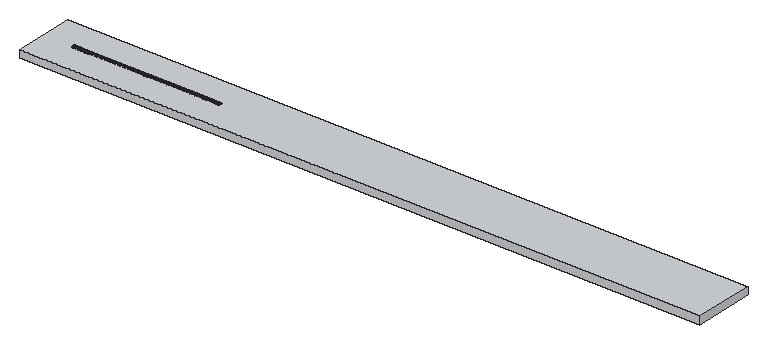
Revit family "Holyoake_-_CWD_Ceiling_Wash_Diffuser", category Air Terminals, host Face, Revit 2014
Parameters (values of type "6000mm")
  W = 89 mm  # constant formula
  URL = "http://www.productspec.net/products/41874/holyoake-industries-ltd/cwd-ceiling-wash-diffuser.aspx"
  Type Comments = "Ceiling Wash Diffuser"  # constant formula
  Single = or(L < 2400 mm, L = 2400 mm)  # no
  Side 2 Open = Bi Directional  # no
  Side 2 Closed = and(One Directional, Flip Throw Direction)  # no
  Side 1 Open = Bi Directional  # no
  Side 1 Closed = and(One Directional, not(Flip Throw Direction))  # yes
  Section = 2400 mm  # constant formula
  Remainder = if((L - (Section * Array Parametric)) / 2 < 10 mm, 10 mm, (L - (Section * Array Parametric)) / 2)  # 600 mm
  One Directional = yes
  O = L + 34 mm  # 6034 mm
  Multiple = L / Section > 2  # yes
  Model = "CWD"  # constant formula
  Material = none
  Manufacturer = "Holyoake"  # constant formula
  L = 6000 mm
  Flow = 0.0 L/s
  Flip Throw Direction = no
  Equal = and(not(Single), not(Multiple))  # no
  Default Elevation = 1219.2 mm
  D = W - 9 mm  # 80 mm
  Bi Directional = not(One Directional)  # no
  Array Parametric = if(Array - 1 < 2, 2, Array - 1)  # 2
  Array = L / Section  # 2.5
Types (5, lengths in mm): name | Single | Remainder | O | Multiple | L | Equal | Array
  600mm | yes | 10 | 634 | no | 600 | no | 0.25
  2400mm | yes | 10 | 2434 | no | 2400 | no | 1
  6000mm | no | 600 | 6034 | yes | 6000 | no | 2.5
  4800mm | no | 10 | 4834 | no | 4800 | yes | 2
  1200mm | yes | 10 | 1234 | no | 1200 | no | 0.5
Reference planes
  plane 1 "Center (Front/Back)": y = 0
  plane 2: z = 0
  plane 3 "Center (Left/Right)": x = 0
  plane 4: x = -16
  plane 5: x = 6000
  plane 6: x = 6016
  plane 7: y = 44.5
  plane 8: y = -44.5
  plane 9: x = 3000
  plane 10: x = 600
  plane 11: x = 5400
Forms (mm)
  Extrusion 1, solid
    sketch origin (0, 0, 0) x (1, 0, 0) y (0, 1, 0)
      loop
        line (-1219.2, 1219.2) -> (-1219.2, -1219.2) -> (26606.995, -1219.2) -> (26606.995, 1219.2) -> (-1219.2, 1219.2)
    from 0 to -304.8
  Extrusion 2, void
    sketch origin (0, 0, 0) x (1, 0, 0) y (0, 1, 0)
      loop
        line (0, 44.5) -> (0, -44.5) -> (6000, -44.5) -> (6000, 44.5) -> (0, 44.5)
    from 0 to -392.118
Lines and regions (mm)
  reference lines
    curve 1: line (600, 70, 0) -> (600, -70, 0)
    curve 2: line (600, 0, 0) -> (955, 0, 0)
    curve 3: line (3000, 70, 0) -> (3000, -70, 0)
    curve 4: line (3000, 0, 0) -> (3355, 0, 0)
Dimensions and locks
  "L": plane 3 "Center (Left/Right)" to plane 5
  locked: plane 4 to plane 3 "Center (Left/Right)" at 16
  locked: plane 5 to plane 6 at 16
  equal spacing: plane 7, plane 1 "Center (Front/Back)", plane 8
  locked: plane 7 to plane 8 at 89
  equal spacing: plane 3 "Center (Left/Right)", plane 9, plane 5
  "Remainder": plane 11 to plane 5
  "Remainder": plane 3 "Center (Left/Right)" to plane 10
  group 1 to group 2 = 2400 mm
  group 2 to group 1 = 0 mm
  group 1 to group 2 = 0 mm
  "Section": plane 10 to curve 3
  aligned and locked: Extrusion 1 to plane 2
  aligned and locked: Extrusion 1 to level
  aligned and locked: nested 1 to plane 1 "Center (Front/Back)"
  aligned and locked: plane 5 to nested 1
  aligned and locked: plane 3 "Center (Left/Right)" to nested 1
  aligned and locked: plane 3 "Center (Left/Right)" to nested 2
  aligned and locked: plane 1 "Center (Front/Back)" to nested 2
  aligned and locked: plane 5 to nested 3
  aligned and locked: nested 3 to plane 1 "Center (Front/Back)"
  aligned and locked: Extrusion 2 sketch curve to plane 7
  aligned and locked: Extrusion 2 sketch curve to plane 8
  aligned and locked: plane 3 "Center (Left/Right)" to Extrusion 2 sketch curve
  aligned and locked: Extrusion 2 sketch curve to plane 5
  aligned and locked: plane 9 to nested 4
  aligned and locked: plane 5 to nested 6
  aligned and locked: nested 5 to curve 1
  aligned and locked: nested 5 to curve 2
  aligned and locked: curve 1 to plane 10
  aligned and locked: plane 3 "Center (Left/Right)" to nested 7
  aligned and locked: plane 10 to nested 7
  aligned and locked: plane 5 to nested 8
  aligned and locked: plane 11 to nested 8
  aligned and locked: nested 9 to curve 3
  aligned and locked: nested 9 to curve 4
  aligned and locked: plane 1 "Center (Front/Back)" to nested 7
  aligned and locked: nested 5 to plane 1 "Center (Front/Back)"
  aligned and locked: nested 9 to plane 1 "Center (Front/Back)"
  aligned and locked: plane 1 "Center (Front/Back)" to nested 4
  aligned and locked: plane 1 "Center (Front/Back)" to nested 8
Automatic sketch dimensions
  Extrusion 1 sketch curve to Extrusion 1 sketch curve = 27826.195 mm
  Extrusion 1 sketch curve to Extrusion 1 sketch curve = 2438.4 mm
  curve 2 to curve 2 = 355 mm
  curve 1 to curve 2 = 70 mm
  curve 2 to curve 1 = 70 mm
Nested families
  nested 1: "CWD Internal Component" at (0, 0, 0) x (1, 0, 0) z (0, 0, -1), visible <- "Single", type "CWD Internal Component"
    with built-in parameter 1001306 19.685 (stored number, unit not read), Side 2 Open no, Side 2 Closed no, Side 1 Open no
  nested 2: "Family2" at (0, 0, 0), type "Family2"
  nested 3: "Family2" at (6000, 0, 0) x (-1, 0, 0) z (0, 0, 1), type "Family2"
  nested 4: "CWD Internal Component" at (0, 0, 0) x (1, 0, 0) z (0, 0, -1), visible <- "Equal", type "CWD Internal Component"
    with built-in parameter 1001306 9.8425 (stored number, unit not read), Side 2 Open no, Side 2 Closed no, Side 1 Open no
  nested 5: "CWD Internal Component Array" at (600, 0, 0) x (1, 0, 0) z (0, 0, -1), visible <- "Multiple", type "CWD Internal Component"
    with built-in parameter 1001306 7.874 (stored number, unit not read)
  nested 6: "CWD Internal Component" at (3000, 0, 0) x (1, 0, 0) z (0, 0, -1), visible <- "Equal", type "CWD Internal Component"
    with built-in parameter 1001306 9.8425 (stored number, unit not read), Side 2 Open no, Side 2 Closed no, Side 1 Open no
  nested 7: "CWD Internal Component" at (0, 0, 0) x (1, 0, 0) z (0, 0, -1), visible <- "Multiple", type "CWD Internal Component"
    with built-in parameter 1001306 1.9685 (stored number, unit not read), Side 2 Open no, Side 2 Closed no, Side 1 Open no
  nested 8: "CWD Internal Component" at (5400, 0, 0) x (1, 0, 0) z (0, 0, -1), visible <- "Multiple", type "CWD Internal Component"
    with built-in parameter 1001306 1.9685 (stored number, unit not read), Side 2 Open no, Side 2 Closed no, Side 1 Open no
  nested 9: "CWD Internal Component Array" at (3000, 0, 0) x (1, 0, 0) z (0, 0, -1), visible <- "Multiple", type "CWD Internal Component"
    with built-in parameter 1001306 7.874 (stored number, unit not read)
Connectors
  hvac at (3000, 0, -62.751), driven by "W", driven by "L", driven by "Flow"
    settings: on nested 1, index 1, duct flow 0.0 L/s, flow factor 0, pres drop 0.0 Pa, loss coef 0, conn angle 0.00°, conn width 6000 mm, conn height 89 mm, conn diameter 609.6 mm, duct sys type 1, conn prof type 1, flow config 0, flow direction 2, loss method 0, conn ref index -1, conn util no, is conn primary yes, conn desc ""
Definition of nested family "CWD Internal Component"
  Parameters (values of type "CWD Internal Component")
    Side 2 Open = yes
    Side 2 Closed = yes
    Side 1 Open = yes
    Side 1 Closed = yes
    Material = none
    built-in parameter 1001306 [instance] = 920 mm
  Reference planes
    plane 1 "Center (Front/Back)": y = 0
    plane 2: z = 0
    plane 3 "Left": x = 0
    plane 4 "Right": x = 920
  Forms (mm)
    Sweep 1, solid, material <- "Material", detail levels fine
      path in 3D
        loop
          line (0, 0, 0) -> (920, 0, 0)
      profile origin (460, 0, 0) x (0, 1, 0) y (0, 0, 1)
        loop
          line (-44.5, -23.788) -> (-44.5, -26.357) -> (44.5, -26.357) -> (44.5, -23.788) -> (2.257, -23.788) -> (3.877, -20.315)
          arc (3.877, -20.315) -> (4.277, -18.614) -> (3.966, -16.895) r 4.29
          line (3.966, -16.895) -> (0.737, -8.901) -> (0.737, 51.393) -> (-0.737, 51.393) -> (-0.737, -8.901) -> (-3.966, -16.895)
          arc (-3.966, -16.895) -> (-4.277, -18.614) -> (-3.877, -20.315) r 4.29
          line (-3.877, -20.315) -> (-2.257, -23.788) -> (-44.5, -23.788)
        loop
          line (44.5, -1.361) -> (41.586, -1.361) -> (41.586, -3.298) -> (22.464, -3.298) -> (22.464, 41.702) -> (21.297, 41.702) -> (21.297, -5.249) -> (44.5, -5.249) -> (44.5, -1.361)
        loop
          line (38.822, 62.751) -> (36.423, 62.751) -> (36.423, 18.427) -> (30.481, 11.827) -> (30.481, -2.66) -> (40.556, -2.66) -> (40.556, -1.361) -> (32.276, -1.361) -> (32.276, 10.527) -> (38.822, 17.797) -> (38.822, 39.048) -> (41.196, 39.048) -> (41.196, 37.229) -> (49.7, 27.138) -> (49.7, 23.611) -> (44.706, 18.064)
          arc (44.706, 18.064) -> (44.333, 16.058) -> (45.949, 14.814) r 1.954
          line (45.949, 14.814) -> (70.477, 14.814) -> (70.477, 16.293) -> (47.103, 16.293)
          arc (47.103, 16.293) -> (46.273, 16.832) -> (46.428, 17.81) r 0.909
          line (46.428, 17.81) -> (51.5, 23.443) -> (51.5, 27.252) -> (42.355, 38.104)
          arc (42.355, 38.104) -> (42.154, 38.534) -> (42.195, 39.007) r 0.915
          line (42.195, 39.007) -> (43.045, 41.342) -> (43.045, 42.71) -> (38.822, 42.71) -> (38.822, 62.751)
        loop
          line (-44.5, -1.361) -> (-44.5, -5.249) -> (-21.297, -5.249) -> (-21.297, 41.702) -> (-22.464, 41.702) -> (-22.464, -3.298) -> (-41.586, -3.298) -> (-41.586, -1.361) -> (-44.5, -1.361)
        loop
          line (-38.822, 62.751) -> (-38.822, 42.71) -> (-43.045, 42.71) -> (-43.045, 41.342) -> (-42.195, 39.007)
          arc (-42.195, 39.007) -> (-42.154, 38.534) -> (-42.355, 38.104) r 0.915
          line (-42.355, 38.104) -> (-51.5, 27.252) -> (-51.5, 23.443) -> (-46.428, 17.81)
          arc (-46.428, 17.81) -> (-46.273, 16.832) -> (-47.103, 16.293) r 0.909
          line (-47.103, 16.293) -> (-70.477, 16.293) -> (-70.477, 14.814) -> (-45.949, 14.814)
          arc (-45.949, 14.814) -> (-44.333, 16.058) -> (-44.706, 18.064) r 1.954
          line (-44.706, 18.064) -> (-49.7, 23.611) -> (-49.7, 27.138) -> (-41.196, 37.229) -> (-41.196, 39.048) -> (-38.822, 39.048) -> (-38.822, 17.797) -> (-32.276, 10.527) -> (-32.276, -1.361) -> (-40.556, -1.361) -> (-40.556, -2.66) -> (-30.481, -2.66) -> (-30.481, 11.827) -> (-36.423, 18.427) -> (-36.423, 62.751) -> (-38.822, 62.751)
    Sweep 2, solid, material <- "Material", visible <- "Side 1 Open", detail levels fine
      path in 3D
        loop
          line (0, 0, 0) -> (920, 0, 0)
      profile origin (460, 0, 0) x (0, 1, 0) y (0, 0, 1)
        loop
          line (-27.92, -22.179) -> (-27.683, -23.51) -> (-5.259, -19.523)
          arc (-5.259, -19.523) -> (-0.766, -19.447) -> (-5.057, -18.113) r 2.276
          line (-5.057, -18.113) -> (-27.92, -22.179)
    Sweep 3, solid, material <- "Material", visible <- "Side 2 Open", detail levels fine
      path in 3D
        loop
          line (0, 0, 0) -> (920, 0, 0)
      profile origin (460, 0, 0) x (0, 1, 0) y (0, 0, 1)
        loop
          line (27.92, -22.179) -> (5.057, -18.113)
          arc (5.057, -18.113) -> (0.766, -19.447) -> (5.259, -19.523) r 2.276
          line (5.259, -19.523) -> (27.683, -23.51) -> (27.92, -22.179)
    Sweep 4, solid, material <- "Material", visible <- "Side 2 Closed", detail levels fine
      path in 3D
        loop
          line (0, 0, 0) -> (920, 0, 0)
      profile origin (460, 0, 0) x (0, 1, 0) y (0, 0, 1)
        loop
          arc (3.903, -17.028) -> (1.522, -20.839) -> (4.976, -17.964) r 2.276
          line (4.976, -17.964) -> (24.569, -6.352) -> (23.88, -5.188) -> (3.903, -17.028)
    Sweep 5, solid, material <- "Material", visible <- "Side 1 Closed", detail levels fine
      path in 3D
        loop
          line (0, 0, 0) -> (920, 0, 0)
      profile origin (460, 0, 0) x (0, 1, 0) y (0, 0, 1)
        loop
          line (-24.569, -6.352) -> (-4.976, -17.964)
          arc (-4.976, -17.964) -> (-1.522, -20.839) -> (-3.903, -17.028) r 2.276
          line (-3.903, -17.028) -> (-23.88, -5.188) -> (-24.569, -6.352)
    Sweep 6, solid, detail levels coarse+medium
      path in 3D
        loop
          line (0, 0, 0) -> (920, 0, 0)
      profile origin (460, 0, 0) x (0, 1, 0) y (0, 0, 1)
        loop
          line (-38.822, 62.751) -> (-38.822, 16.293) -> (-70.477, 16.293) -> (-70.477, 14.814) -> (-44.5, 14.814) -> (-44.5, -26.357) -> (44.5, -26.357) -> (44.5, 14.814) -> (70.477, 14.814) -> (70.477, 16.293) -> (38.822, 16.293) -> (38.822, 62.751) -> (-38.822, 62.751)
  Lines and regions (mm)
    reference lines
      curve 1: line (0, 0, 0) -> (920, 0, 0)
    sketch lines
      curve 2: line (0, 0, 0) -> (920, 0, 0)
      curve 3: line (0, 0, 0) -> (920, 0, 0)
      curve 4: line (0, 0, 0) -> (920, 0, 0)
      curve 5: line (0, 0, 0) -> (920, 0, 0)
      curve 6: line (0, 0, 0) -> (920, 0, 0)
      curve 7: line (0, 0, 0) -> (920, 0, 0)
  Dimensions and locks
    "built-in parameter 1001306": plane 3 "Left" to plane 4 "Right"
    Sweep 1 sketch curve to Sweep 1 sketch curve = 24.996 mm
    Sweep 1 sketch curve to Sweep 1 sketch curve = 18.54 mm
    Sweep 1 sketch curve to Sweep 1 sketch curve = 68.059 mm
    Sweep 1 sketch curve to profile plane = 38.822 mm
    Sweep 1 sketch curve to Sweep 1 sketch curve = 68 mm
    Sweep 1 sketch curve to profile plane = 51.5 mm
    aligned and locked: plane 4 "Right" to curve 1
    aligned and locked: plane 1 "Center (Front/Back)" to curve 1
    aligned and locked: plane 3 "Left" to curve 1
    aligned and locked: level to plane 2
  Automatic sketch dimensions
    Sweep 1 sketch curve to Sweep 1 sketch curve = 0 mm  (x5)
    Sweep 1 sketch curve to Sweep 1 sketch curve = 2.399 mm  (x3)
    Sweep 1 sketch curve to profile plane = 1.361 mm  (x3)
    Sweep 1 sketch curve to Sweep 1 sketch curve = 4.147 mm
    profile plane to Sweep 1 sketch curve = 11.827 mm
    Sweep 1 sketch curve to Sweep 1 sketch curve = 1.795 mm  (x2)
    Sweep 1 sketch curve to Sweep 1 sketch curve = 16.358 mm
    Sweep 1 sketch curve to Sweep 1 sketch curve = 1.166 mm  (x2)
    Sweep 1 sketch curve to profile plane = 3.966 mm
    Sweep 1 sketch curve to Sweep 1 sketch curve = 0.09 mm  (x2)
    Sweep 1 sketch curve to profile plane = 0.737 mm
    Sweep 1 sketch curve to profile plane = 0.011 mm
    profile plane to Sweep 1 sketch curve = 0.011 mm
    profile plane to Sweep 1 sketch curve = 0.737 mm
    profile plane to Sweep 1 sketch curve = 3.877 mm
    Sweep 1 sketch curve to profile plane = 5.249 mm  (x2)
    Sweep 1 sketch curve to Sweep 1 sketch curve = 17.331 mm
    Sweep 1 sketch curve to profile plane = 2.66 mm
    Sweep 1 sketch curve to Sweep 1 sketch curve = 8.017 mm
    Sweep 1 sketch curve to Sweep 1 sketch curve = 13.959 mm
    Sweep 1 sketch curve to Sweep 1 sketch curve = 8.28 mm  (x2)
    Sweep 1 sketch curve to Sweep 1 sketch curve = 2.374 mm  (x2)
    Sweep 1 sketch curve to Sweep 1 sketch curve = 1.03 mm  (x2)
    Sweep 1 sketch curve to Sweep 1 sketch curve = 0.999 mm  (x2)
    Sweep 1 sketch curve to Sweep 1 sketch curve = 0.16 mm  (x2)
    Sweep 1 sketch curve to Sweep 1 sketch curve = 0.85 mm  (x2)
    Sweep 1 sketch curve to Sweep 1 sketch curve = 0.7 mm  (x2)
    Sweep 1 sketch curve to Sweep 1 sketch curve = 2.914 mm  (x2)
    profile plane to Sweep 1 sketch curve = 18.064 mm  (x2)
    Sweep 1 sketch curve to Sweep 1 sketch curve = 5.884 mm  (x2)
    Sweep 1 sketch curve to Sweep 1 sketch curve = 1.244 mm  (x2)
    Sweep 1 sketch curve to Sweep 1 sketch curve = 1.452 mm
    profile plane to Sweep 1 sketch curve = 17.81 mm  (x2)
    Sweep 1 sketch curve to Sweep 1 sketch curve = 0.27 mm  (x2)
    Sweep 1 sketch curve to Sweep 1 sketch curve = 0.945 mm  (x2)
    Sweep 1 sketch curve to Sweep 1 sketch curve = 3.272 mm
    Sweep 1 sketch curve to Sweep 1 sketch curve = 1.8 mm  (x2)
    profile plane to Sweep 1 sketch curve = 16.293 mm
    Sweep 1 sketch curve to Sweep 1 sketch curve = 18.977 mm  (x2)
    Sweep 1 sketch curve to Sweep 1 sketch curve = 0.208 mm
    profile plane to Sweep 1 sketch curve = 23.611 mm
    Sweep 1 sketch curve to profile plane = 8.901 mm
    Sweep 1 sketch curve to Sweep 1 sketch curve = 6.893 mm
    Sweep 1 sketch curve to Sweep 1 sketch curve = 1.607 mm
    Sweep 1 sketch curve to Sweep 1 sketch curve = 2.569 mm  (x2)
    Sweep 1 sketch curve to Sweep 1 sketch curve = 1.951 mm  (x2)
    Sweep 1 sketch curve to Sweep 1 sketch curve = 1.298 mm
    profile plane to Sweep 1 sketch curve = 10.527 mm
    Sweep 1 sketch curve to Sweep 1 sketch curve = 1.3 mm  (x2)
    profile plane to Sweep 1 sketch curve = 14.814 mm
    Sweep 1 sketch curve to Sweep 1 sketch curve = 1.479 mm  (x2)
    Sweep 1 sketch curve to Sweep 1 sketch curve = 0.267 mm  (x2)
    Sweep 1 sketch curve to Sweep 1 sketch curve = 0.63 mm  (x2)
    Sweep 1 sketch curve to Sweep 1 sketch curve = 5.633 mm
    Sweep 1 sketch curve to Sweep 1 sketch curve = 0.168 mm  (x2)
    Sweep 1 sketch curve to Sweep 1 sketch curve = 3.527 mm  (x2)
    Sweep 1 sketch curve to Sweep 1 sketch curve = 0.114 mm  (x2)
    Sweep 1 sketch curve to Sweep 1 sketch curve = 10.091 mm  (x2)
    Sweep 1 sketch curve to Sweep 1 sketch curve = 0.875 mm  (x2)
    Sweep 1 sketch curve to Sweep 1 sketch curve = 0.59 mm  (x2)
    Sweep 1 sketch curve to Sweep 1 sketch curve = 1.819 mm
    Sweep 1 sketch curve to Sweep 1 sketch curve = 0.041 mm
    Sweep 1 sketch curve to Sweep 1 sketch curve = 2.335 mm  (x2)
    Sweep 1 sketch curve to Sweep 1 sketch curve = 2.655 mm
    Sweep 1 sketch curve to Sweep 1 sketch curve = 1.368 mm  (x2)
    Sweep 1 sketch curve to Sweep 1 sketch curve = 9.691 mm
    Sweep 1 sketch curve to Sweep 1 sketch curve = 20.041 mm
    profile plane to Sweep 1 sketch curve = 2.257 mm
    Sweep 1 sketch curve to profile plane = 2.257 mm
    Sweep 1 sketch curve to Sweep 1 sketch curve = 3.42 mm
    profile plane to Sweep 2 sketch curve = 27.92 mm
    Sweep 2 sketch curve to profile plane = 23.51 mm
    Sweep 2 sketch curve to Sweep 2 sketch curve = 0.237 mm
    profile plane to Sweep 2 sketch curve = 5.259 mm
    Sweep 2 sketch curve to Sweep 2 sketch curve = 0.202 mm
    Sweep 2 sketch curve to Sweep 2 sketch curve = 2.039 mm
    Sweep 2 sketch curve to Sweep 2 sketch curve = 1.332 mm
    Sweep 3 sketch curve to profile plane = 3.018 mm
    Sweep 3 sketch curve to Sweep 3 sketch curve = 2.039 mm
    Sweep 3 sketch curve to Sweep 3 sketch curve = 0.202 mm
    Sweep 3 sketch curve to Sweep 3 sketch curve = 22.424 mm
    Sweep 3 sketch curve to profile plane = 22.179 mm
    Sweep 3 sketch curve to Sweep 3 sketch curve = 0.237 mm
    Sweep 3 sketch curve to Sweep 3 sketch curve = 1.332 mm
    Sweep 4 sketch curve to profile plane = 3.018 mm
    Sweep 4 sketch curve to Sweep 4 sketch curve = 0.885 mm
    Sweep 4 sketch curve to Sweep 4 sketch curve = 1.073 mm
    Sweep 4 sketch curve to profile plane = 5.188 mm
    Sweep 4 sketch curve to Sweep 4 sketch curve = 18.904 mm
    Sweep 4 sketch curve to Sweep 4 sketch curve = 0.69 mm
    Sweep 4 sketch curve to Sweep 4 sketch curve = 1.164 mm
    Sweep 5 sketch curve to profile plane = 6.352 mm
    profile plane to Sweep 5 sketch curve = 24.569 mm
    Sweep 5 sketch curve to profile plane = 5.188 mm
    Sweep 5 sketch curve to Sweep 5 sketch curve = 0.69 mm
    profile plane to Sweep 5 sketch curve = 4.976 mm
    Sweep 5 sketch curve to Sweep 5 sketch curve = 1.073 mm
    Sweep 5 sketch curve to Sweep 5 sketch curve = 0.885 mm
    profile plane to Sweep 6 sketch curve = 14.814 mm
    profile plane to Sweep 6 sketch curve = 70.477 mm
    profile plane to Sweep 6 sketch curve = 44.5 mm
    Sweep 6 sketch curve to Sweep 6 sketch curve = 5.678 mm  (x2)
    profile plane to Sweep 6 sketch curve = 16.293 mm
    Sweep 6 sketch curve to profile plane = 38.822 mm
    Sweep 6 sketch curve to Sweep 6 sketch curve = 25.977 mm
    Sweep 6 sketch curve to profile plane = 26.357 mm
    Sweep 6 sketch curve to Sweep 6 sketch curve = 1.479 mm  (x2)
    Sweep 6 sketch curve to Sweep 6 sketch curve = 46.458 mm
Definition of nested family "Family2"
  Reference planes
    plane 1 "Center (Front/Back)": y = 0
    plane 2: z = 0
    plane 3 "Center (Left/Right)": x = 0
  Forms (mm)
    Extrusion 1, solid
      sketch origin (0, 0, 0) x (1, 0, 0) y (0, 0, 1)
        loop
          line (-2, 26.357) -> (-2, 2) -> (-16, 2) -> (-16, 0) -> (0, 0) -> (0, 26.357) -> (-2, 26.357)
      from -44.5 to 44.5
  Dimensions and locks
    aligned and locked: level to plane 2
Definition of nested family "CWD Internal Component Array"
  Parameters (values of type "CWD Internal Component")
    Side 2 Open = no
    Side 2 Closed = no
    Side 1 Open = no
    Side 1 Closed = yes
    Material = none
    built-in parameter 1001306 [instance] = L  # 2400 mm
    L = 2400 mm
  Reference planes
    plane 1 "Center (Front/Back)": y = 0
    plane 2: z = 0
    plane 3 "Left": x = 0
    plane 4 "Right": x = 2400
  Forms (mm)
    Sweep 1, solid, material <- "Material", detail levels fine
      path in 3D
        loop
          line (0, 0, 0) -> (2400, 0, 0)
      profile origin (1200, 0, 0) x (0, 1, 0) y (0, 0, 1)
        loop
          line (-44.5, -23.788) -> (-44.5, -26.357) -> (44.5, -26.357) -> (44.5, -23.788) -> (2.257, -23.788) -> (3.877, -20.315)
          arc (3.877, -20.315) -> (4.277, -18.614) -> (3.966, -16.895) r 4.29
          line (3.966, -16.895) -> (0.737, -8.901) -> (0.737, 51.393) -> (-0.737, 51.393) -> (-0.737, -8.901) -> (-3.966, -16.895)
          arc (-3.966, -16.895) -> (-4.277, -18.614) -> (-3.877, -20.315) r 4.29
          line (-3.877, -20.315) -> (-2.257, -23.788) -> (-44.5, -23.788)
        loop
          line (44.5, -1.361) -> (41.586, -1.361) -> (41.586, -3.298) -> (22.464, -3.298) -> (22.464, 41.702) -> (21.297, 41.702) -> (21.297, -5.249) -> (44.5, -5.249) -> (44.5, -1.361)
        loop
          line (38.822, 62.751) -> (36.423, 62.751) -> (36.423, 18.427) -> (30.481, 11.827) -> (30.481, -2.66) -> (40.556, -2.66) -> (40.556, -1.361) -> (32.276, -1.361) -> (32.276, 10.527) -> (38.822, 17.797) -> (38.822, 39.048) -> (41.196, 39.048) -> (41.196, 37.229) -> (49.7, 27.138) -> (49.7, 23.611) -> (44.706, 18.064)
          arc (44.706, 18.064) -> (44.333, 16.058) -> (45.949, 14.814) r 1.954
          line (45.949, 14.814) -> (70.477, 14.814) -> (70.477, 16.293) -> (47.103, 16.293)
          arc (47.103, 16.293) -> (46.273, 16.832) -> (46.428, 17.81) r 0.909
          line (46.428, 17.81) -> (51.5, 23.443) -> (51.5, 27.252) -> (42.355, 38.104)
          arc (42.355, 38.104) -> (42.154, 38.534) -> (42.195, 39.007) r 0.915
          line (42.195, 39.007) -> (43.045, 41.342) -> (43.045, 42.71) -> (38.822, 42.71) -> (38.822, 62.751)
        loop
          line (-44.5, -1.361) -> (-44.5, -5.249) -> (-21.297, -5.249) -> (-21.297, 41.702) -> (-22.464, 41.702) -> (-22.464, -3.298) -> (-41.586, -3.298) -> (-41.586, -1.361) -> (-44.5, -1.361)
        loop
          line (-38.822, 62.751) -> (-38.822, 42.71) -> (-43.045, 42.71) -> (-43.045, 41.342) -> (-42.195, 39.007)
          arc (-42.195, 39.007) -> (-42.154, 38.534) -> (-42.355, 38.104) r 0.915
          line (-42.355, 38.104) -> (-51.5, 27.252) -> (-51.5, 23.443) -> (-46.428, 17.81)
          arc (-46.428, 17.81) -> (-46.273, 16.832) -> (-47.103, 16.293) r 0.909
          line (-47.103, 16.293) -> (-70.477, 16.293) -> (-70.477, 14.814) -> (-45.949, 14.814)
          arc (-45.949, 14.814) -> (-44.333, 16.058) -> (-44.706, 18.064) r 1.954
          line (-44.706, 18.064) -> (-49.7, 23.611) -> (-49.7, 27.138) -> (-41.196, 37.229) -> (-41.196, 39.048) -> (-38.822, 39.048) -> (-38.822, 17.797) -> (-32.276, 10.527) -> (-32.276, -1.361) -> (-40.556, -1.361) -> (-40.556, -2.66) -> (-30.481, -2.66) -> (-30.481, 11.827) -> (-36.423, 18.427) -> (-36.423, 62.751) -> (-38.822, 62.751)
    Sweep 2, solid, material <- "Material", visible <- "Side 1 Open", detail levels fine
      path in 3D
        loop
          line (0, 0, 0) -> (2400, 0, 0)
      profile origin (1200, 0, 0) x (0, 1, 0) y (0, 0, 1)
        loop
          line (-27.92, -22.179) -> (-27.683, -23.51) -> (-5.259, -19.523)
          arc (-5.259, -19.523) -> (-0.766, -19.447) -> (-5.057, -18.113) r 2.276
          line (-5.057, -18.113) -> (-27.92, -22.179)
    Sweep 3, solid, material <- "Material", visible <- "Side 2 Open", detail levels fine
      path in 3D
        loop
          line (0, 0, 0) -> (2400, 0, 0)
      profile origin (1200, 0, 0) x (0, 1, 0) y (0, 0, 1)
        loop
          line (27.92, -22.179) -> (5.057, -18.113)
          arc (5.057, -18.113) -> (0.766, -19.447) -> (5.259, -19.523) r 2.276
          line (5.259, -19.523) -> (27.683, -23.51) -> (27.92, -22.179)
    Sweep 4, solid, material <- "Material", visible <- "Side 2 Closed", detail levels fine
      path in 3D
        loop
          line (0, 0, 0) -> (2400, 0, 0)
      profile origin (1200, 0, 0) x (0, 1, 0) y (0, 0, 1)
        loop
          arc (3.903, -17.028) -> (1.522, -20.839) -> (4.976, -17.964) r 2.276
          line (4.976, -17.964) -> (24.569, -6.352) -> (23.88, -5.188) -> (3.903, -17.028)
    Sweep 5, solid, material <- "Material", visible <- "Side 1 Closed", detail levels fine
      path in 3D
        loop
          line (0, 0, 0) -> (2400, 0, 0)
      profile origin (1200, 0, 0) x (0, 1, 0) y (0, 0, 1)
        loop
          line (-24.569, -6.352) -> (-4.976, -17.964)
          arc (-4.976, -17.964) -> (-1.522, -20.839) -> (-3.903, -17.028) r 2.276
          line (-3.903, -17.028) -> (-23.88, -5.188) -> (-24.569, -6.352)
    Sweep 6, solid, detail levels coarse+medium
      path in 3D
        loop
          line (0, 0, 0) -> (2400, 0, 0)
      profile origin (1200, 0, 0) x (0, 1, 0) y (0, 0, 1)
        loop
          line (-38.822, 62.751) -> (-38.822, 16.293) -> (-70.477, 16.293) -> (-70.477, 14.814) -> (-44.5, 14.814) -> (-44.5, -26.357) -> (44.5, -26.357) -> (44.5, 14.814) -> (70.477, 14.814) -> (70.477, 16.293) -> (38.822, 16.293) -> (38.822, 62.751) -> (-38.822, 62.751)
  Lines and regions (mm)
    reference lines
      curve 1: line (0, 0, 0) -> (2400, 0, 0)
    sketch lines
      curve 2: line (0, 0, 0) -> (2400, 0, 0)
      curve 3: line (0, 0, 0) -> (2400, 0, 0)
      curve 4: line (0, 0, 0) -> (2400, 0, 0)
      curve 5: line (0, 0, 0) -> (2400, 0, 0)
      curve 6: line (0, 0, 0) -> (2400, 0, 0)
      curve 7: line (0, 0, 0) -> (2400, 0, 0)
  Dimensions and locks
    "built-in parameter 1001306": plane 3 "Left" to plane 4 "Right"
    Sweep 1 sketch curve to Sweep 1 sketch curve = 24.996 mm
    Sweep 1 sketch curve to Sweep 1 sketch curve = 18.54 mm
    Sweep 1 sketch curve to Sweep 1 sketch curve = 68.059 mm
    Sweep 1 sketch curve to profile plane = 38.822 mm
    Sweep 1 sketch curve to Sweep 1 sketch curve = 68 mm
    Sweep 1 sketch curve to profile plane = 51.5 mm
    "L": plane 3 "Left" to plane 4 "Right"
    aligned and locked: plane 4 "Right" to curve 1
    aligned and locked: plane 1 "Center (Front/Back)" to curve 1
    aligned and locked: plane 3 "Left" to curve 1
    aligned and locked: level to plane 2
  Automatic sketch dimensions
    Sweep 1 sketch curve to Sweep 1 sketch curve = 0 mm  (x5)
    Sweep 1 sketch curve to Sweep 1 sketch curve = 2.399 mm  (x3)
    Sweep 1 sketch curve to profile plane = 1.361 mm  (x3)
    Sweep 1 sketch curve to Sweep 1 sketch curve = 4.147 mm
    profile plane to Sweep 1 sketch curve = 11.827 mm
    Sweep 1 sketch curve to Sweep 1 sketch curve = 1.795 mm  (x2)
    Sweep 1 sketch curve to Sweep 1 sketch curve = 16.358 mm
    Sweep 1 sketch curve to Sweep 1 sketch curve = 1.166 mm  (x2)
    Sweep 1 sketch curve to profile plane = 3.966 mm
    Sweep 1 sketch curve to Sweep 1 sketch curve = 0.09 mm  (x2)
    Sweep 1 sketch curve to profile plane = 0.737 mm
    Sweep 1 sketch curve to profile plane = 0.011 mm
    profile plane to Sweep 1 sketch curve = 0.011 mm
    profile plane to Sweep 1 sketch curve = 0.737 mm
    profile plane to Sweep 1 sketch curve = 3.877 mm
    Sweep 1 sketch curve to profile plane = 5.249 mm  (x2)
    Sweep 1 sketch curve to Sweep 1 sketch curve = 17.331 mm
    Sweep 1 sketch curve to profile plane = 2.66 mm
    Sweep 1 sketch curve to Sweep 1 sketch curve = 8.017 mm
    Sweep 1 sketch curve to Sweep 1 sketch curve = 13.959 mm
    Sweep 1 sketch curve to Sweep 1 sketch curve = 8.28 mm  (x2)
    Sweep 1 sketch curve to Sweep 1 sketch curve = 2.374 mm  (x2)
    Sweep 1 sketch curve to Sweep 1 sketch curve = 1.03 mm  (x2)
    Sweep 1 sketch curve to Sweep 1 sketch curve = 0.999 mm  (x2)
    Sweep 1 sketch curve to Sweep 1 sketch curve = 0.16 mm  (x2)
    Sweep 1 sketch curve to Sweep 1 sketch curve = 0.85 mm  (x2)
    Sweep 1 sketch curve to Sweep 1 sketch curve = 0.7 mm  (x2)
    Sweep 1 sketch curve to Sweep 1 sketch curve = 2.914 mm  (x2)
    profile plane to Sweep 1 sketch curve = 18.064 mm  (x2)
    Sweep 1 sketch curve to Sweep 1 sketch curve = 5.884 mm  (x2)
    Sweep 1 sketch curve to Sweep 1 sketch curve = 1.244 mm  (x2)
    Sweep 1 sketch curve to Sweep 1 sketch curve = 1.452 mm
    profile plane to Sweep 1 sketch curve = 17.81 mm  (x2)
    Sweep 1 sketch curve to Sweep 1 sketch curve = 0.27 mm  (x2)
    Sweep 1 sketch curve to Sweep 1 sketch curve = 0.945 mm  (x2)
    Sweep 1 sketch curve to Sweep 1 sketch curve = 3.272 mm
    Sweep 1 sketch curve to Sweep 1 sketch curve = 1.8 mm  (x2)
    profile plane to Sweep 1 sketch curve = 16.293 mm
    Sweep 1 sketch curve to Sweep 1 sketch curve = 18.977 mm  (x2)
    Sweep 1 sketch curve to Sweep 1 sketch curve = 0.208 mm
    profile plane to Sweep 1 sketch curve = 23.611 mm
    Sweep 1 sketch curve to profile plane = 8.901 mm
    Sweep 1 sketch curve to Sweep 1 sketch curve = 6.893 mm
    Sweep 1 sketch curve to Sweep 1 sketch curve = 1.607 mm
    Sweep 1 sketch curve to Sweep 1 sketch curve = 2.569 mm  (x2)
    Sweep 1 sketch curve to Sweep 1 sketch curve = 1.951 mm  (x2)
    Sweep 1 sketch curve to Sweep 1 sketch curve = 1.298 mm
    profile plane to Sweep 1 sketch curve = 10.527 mm
    Sweep 1 sketch curve to Sweep 1 sketch curve = 1.3 mm  (x2)
    profile plane to Sweep 1 sketch curve = 14.814 mm
    Sweep 1 sketch curve to Sweep 1 sketch curve = 1.479 mm  (x2)
    Sweep 1 sketch curve to Sweep 1 sketch curve = 0.267 mm  (x2)
    Sweep 1 sketch curve to Sweep 1 sketch curve = 0.63 mm  (x2)
    Sweep 1 sketch curve to Sweep 1 sketch curve = 5.633 mm
    Sweep 1 sketch curve to Sweep 1 sketch curve = 0.168 mm  (x2)
    Sweep 1 sketch curve to Sweep 1 sketch curve = 3.527 mm  (x2)
    Sweep 1 sketch curve to Sweep 1 sketch curve = 0.114 mm  (x2)
    Sweep 1 sketch curve to Sweep 1 sketch curve = 10.091 mm  (x2)
    Sweep 1 sketch curve to Sweep 1 sketch curve = 0.875 mm  (x2)
    Sweep 1 sketch curve to Sweep 1 sketch curve = 0.59 mm  (x2)
    Sweep 1 sketch curve to Sweep 1 sketch curve = 1.819 mm
    Sweep 1 sketch curve to Sweep 1 sketch curve = 0.041 mm
    Sweep 1 sketch curve to Sweep 1 sketch curve = 2.335 mm  (x2)
    Sweep 1 sketch curve to Sweep 1 sketch curve = 2.655 mm
    Sweep 1 sketch curve to Sweep 1 sketch curve = 1.368 mm  (x2)
    Sweep 1 sketch curve to Sweep 1 sketch curve = 9.691 mm
    Sweep 1 sketch curve to Sweep 1 sketch curve = 20.041 mm
    profile plane to Sweep 1 sketch curve = 2.257 mm
    Sweep 1 sketch curve to profile plane = 2.257 mm
    Sweep 1 sketch curve to Sweep 1 sketch curve = 3.42 mm
    profile plane to Sweep 2 sketch curve = 27.92 mm
    Sweep 2 sketch curve to profile plane = 23.51 mm
    Sweep 2 sketch curve to Sweep 2 sketch curve = 0.237 mm
    profile plane to Sweep 2 sketch curve = 5.259 mm
    Sweep 2 sketch curve to Sweep 2 sketch curve = 0.202 mm
    Sweep 2 sketch curve to Sweep 2 sketch curve = 2.039 mm
    Sweep 2 sketch curve to Sweep 2 sketch curve = 1.332 mm
    Sweep 3 sketch curve to profile plane = 3.018 mm
    Sweep 3 sketch curve to Sweep 3 sketch curve = 2.039 mm
    Sweep 3 sketch curve to Sweep 3 sketch curve = 0.202 mm
    Sweep 3 sketch curve to Sweep 3 sketch curve = 22.424 mm
    Sweep 3 sketch curve to profile plane = 22.179 mm
    Sweep 3 sketch curve to Sweep 3 sketch curve = 0.237 mm
    Sweep 3 sketch curve to Sweep 3 sketch curve = 1.332 mm
    Sweep 4 sketch curve to profile plane = 3.018 mm
    Sweep 4 sketch curve to Sweep 4 sketch curve = 0.885 mm
    Sweep 4 sketch curve to Sweep 4 sketch curve = 1.073 mm
    Sweep 4 sketch curve to profile plane = 5.188 mm
    Sweep 4 sketch curve to Sweep 4 sketch curve = 18.904 mm
    Sweep 4 sketch curve to Sweep 4 sketch curve = 0.69 mm
    Sweep 4 sketch curve to Sweep 4 sketch curve = 1.164 mm
    Sweep 5 sketch curve to profile plane = 6.352 mm
    profile plane to Sweep 5 sketch curve = 24.569 mm
    Sweep 5 sketch curve to profile plane = 5.188 mm
    Sweep 5 sketch curve to Sweep 5 sketch curve = 0.69 mm
    profile plane to Sweep 5 sketch curve = 4.976 mm
    Sweep 5 sketch curve to Sweep 5 sketch curve = 1.073 mm
    Sweep 5 sketch curve to Sweep 5 sketch curve = 0.885 mm
    profile plane to Sweep 6 sketch curve = 14.814 mm
    profile plane to Sweep 6 sketch curve = 70.477 mm
    profile plane to Sweep 6 sketch curve = 44.5 mm
    Sweep 6 sketch curve to Sweep 6 sketch curve = 5.678 mm  (x2)
    profile plane to Sweep 6 sketch curve = 16.293 mm
    Sweep 6 sketch curve to profile plane = 38.822 mm
    Sweep 6 sketch curve to Sweep 6 sketch curve = 25.977 mm
    Sweep 6 sketch curve to profile plane = 26.357 mm
    Sweep 6 sketch curve to Sweep 6 sketch curve = 1.479 mm  (x2)
    Sweep 6 sketch curve to Sweep 6 sketch curve = 46.458 mm
